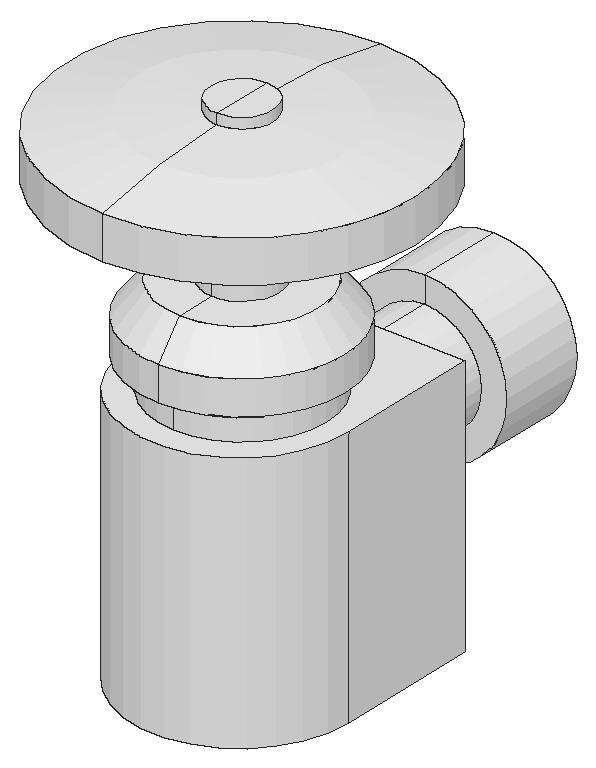
Revit family "Check_Valves-Integral-McGuire-LFCK03", category Plumbing Fixtures, host Face, Revit 2018
Family settings
  Host = Face
  Round Connector Dimension = Use Radius
  Part Type = Normal
  OmniClass Number = 23.45.55.11
  OmniClass Title = Sanitary Components
  Cut with Voids When Loaded = No
  Shared = Yes
  Room Calculation Point = No
Parameters (values of type "LFCK03")
  Waste Connection = no
  Warranty Information = "15 Year Limited Warranty"
  WFU = 0
  Vent Connection = no
  URL = "http://www.mcguiremfg.com/"
  Type Comments = ""
  Product Page URL = "https://www.mcguiremfg.com/lfck03-3/8-ips-x-1/2-od"
  Product Documentation Link = "https://d163axztg8am2h.cloudfront.net/static/doc/63/bb/20bf5f4dcf238025eaf1a1152d00.pdf"
  Price = "Prices may vary. Please consult Manufacturer Representative for most up-to-date price list."  # constant formula
  Outlet Radius = 1/4"
  Outlet Diameter = Outlet Radius * 2  # 1/2"
  Model = "LFCK03"
  Material = Brass-McGuire-Low Lead-Chrome Plated
  Manufacturer = "McGuire Manufacturing"
  Length = 1 1/2"
  Inlet Radius = 3/16"
  Inlet Diameter = Inlet Radius * 2  # 3/8"
  IAPMO Compliance = "cUPC Low Lead"
  Height = 1"
  HWFU = 1.5
  HW Connection = yes
  Description = "LFCK03: 3/8 IPS X 1/2 OD"
  Default Elevation = 0"
  Creation Date = "8/12/20"  # constant formula
  CWFU = 1.5
  CW Connection = yes
  Assembly Code = "D2020300"
Reference planes (in)
  plane 1 "Center (Front/Back)": y = 0
  plane 2: z = 0
  plane 3 "Center (Left/Right)": x = 0
  plane 4: z = 1.49671
  plane 5: z = 0.74671
  plane 6: y = 1.3125
Forms (in)
  Revolve 1, solid, material "Brass-McGuire-Low Lead-Chrome Plated"
    sketch origin (0, 0, 0) x (0, 1, 0) y (0, 0, 1)
      loop
        line (0, 0) -> (0.35246, 0) -> (0.35246, 1.17424) -> (0.43083, 1.21948) -> (0.43083, 1.36171) -> (0.3215, 1.49671) -> (0.15423, 1.49671) -> (0.15423, 1.76254)
        arc (0.15423, 1.76254) -> (0.20282, 1.78267) -> (0.22295, 1.83126) r 0.06872
        line (0.22295, 1.83126) -> (0.22295, 1.87635) -> (0.72295, 1.87635) -> (0.72295, 2.05265)
        arc (0.72295, 2.05265) -> (0.42837, 2.10835) -> (0.12907, 2.12557) r 2.31836
        line (0.12907, 2.12557) -> (0.12907, 2.16871) -> (0, 2.16871) -> (0, 0)
      axis (0, 0) -> (0, 2.16871)
    angle from 0 to 360
  Extrusion 2, solid, material "Brass-McGuire-Low Lead-Chrome Plated"
    sketch origin (0, 0, 0) x (1, 0, 0) y (0, 1, 0)
      loop
        line (-0.45293, 0.59387) -> (-0.45293, -0.00892)
        arc (-0.45293, -0.00892) -> (0, -0.46185) -> (0.45293, -0.00892) r 0.45293
        line (0.45293, -0.00892) -> (0.45293, 0.59387) -> (-0.45293, 0.59387)
    from 0 to 1.08477
  Revolve 3, solid, material "Brass-McGuire-Low Lead-Chrome Plated"
    sketch origin (0, 0.5625, 0) x (0, -1, 0) y (0, 0, 1)
      loop
        line (0.40246, 0.74671) -> (0.40246, 0.98168) -> (-0.38909, 0.98168) -> (-0.38909, 1.09106) -> (-0.75, 1.09106) -> (-0.75, 0.74671) -> (0.40246, 0.74671)
      axis (0.40246, 0.74671) -> (-0.75, 0.74671)
    angle from 0 to 360
Dimensions and locks (in)
  plane 4 to plane 2 = 1.49671"  (x2)
  plane 5 to plane 2 = 0.74671"  (x2)
  plane 1 "Center (Front/Back)" to plane 6 = 1 5/16"
  aligned and locked: plane 2 to host face
  aligned and locked: level to host face
Connectors (in)
  piping at (0, 0, 0), diameter 0.375, driven by "Inlet Radius"
    settings: on Revolve 1, index 1, connector inside diameter 24", connector length 0", flow factor 0, pipe flow 0 GPM, pressure drop 0.00 psi, fitting loss kfactor 0, connector angle 0.00°, fixture units 0, engagement length 0", angle of deflection 0.00°, flow configuration 0, flow direction 1, fitting loss method 0, system type 29, joint type 0, gender type 0, connector reference index -1, connector utility 0, adjustable connector no, is connector primary yes, connector description "3/8\" IPS Connection"
  piping at (0, 1.3125, 0.74671), diameter 0.5, driven by "Outlet Radius"
    settings: on Revolve 3, index 2, connector inside diameter 24", connector length 0", flow factor 0, pipe flow 0 GPM, pressure drop 0.00 psi, fitting loss kfactor 0, connector angle 0.00°, fixture units 0, engagement length 0", angle of deflection 0.00°, flow configuration 0, flow direction 2, fitting loss method 0, system type 29, joint type 0, gender type 0, connector reference index -1, connector utility 0, adjustable connector no, is connector primary no, connector description "1/2\" OD Connection"
